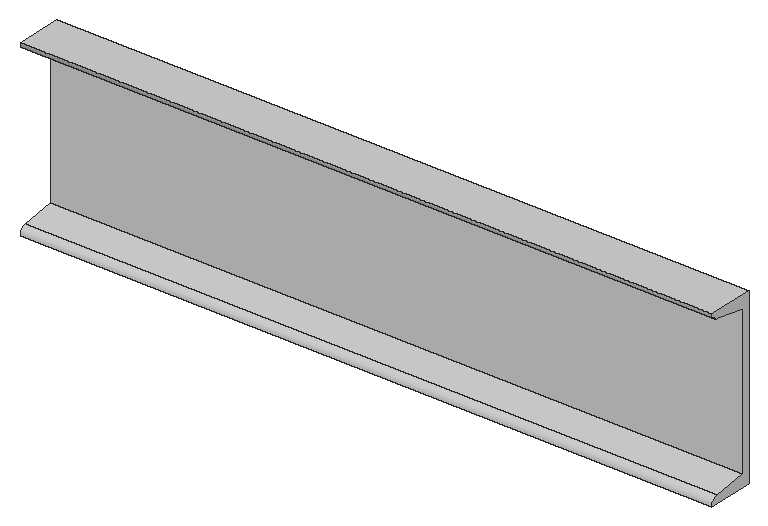
Revit family "9d06805b2897484f96b3201e5ce4722c", category Structural Framing, Revit 2019
Family settings
  Structural Framing Length Roundoff = 0' - 0"
  Section Shape = Not Defined
  Material for Model Behavior = Steel
  Always export as geometry = No
  OmniClass Number = 23.25.30.11.14.14
  OmniClass Title = Beams
  Seek Item ID = C-Channel-0000-USA-ENU
  Always vertical = Yes
  Cut with Voids When Loaded = No
  Symbolic Representation = From Project Settings
  Shared = No
  Show family pre-cut in plan views = Yes
Parameters (values of type "C12X30")
  W = 30
  Structural Material [instance] = Steel ASTM A36
  Assembly Code = "B10"
  Length [instance] = 5' - 0"
  bf = 0' - 3 11/64"
  d = 1' - 0"
  tf = 0' - 0 1/2"
  tw = 0' - 0 131/256"
  x = 0' - 0 173/256"
  A = 8.80 in²
Types (2): name | W | bf | d | tf | tw | x | A
  C12X30 | 30 | 0' - 3 11/64" | 1' - 0" | 0' - 0 1/2" | 0' - 0 131/256" | 0' - 0 173/256" | 8.80 in²
  C15X33.9 | 33.9 | 0' - 3 51/128" | 1' - 3" | 0' - 0 83/128" | 0' - 0 51/128" | 0' - 0 101/128" | 10.00 in²
Reference planes (in)
  plane 1 "Center (Front/Back)": y = 0
  plane 2: z = 0
  plane 3 "Center (Left/Right)": x = 0.1815
  plane 4 "Member Left": x = -23.8185
  plane 5 "Member Right": x = 24.1815
  plane 6 "Center Left/Right": y = 0.67578
  plane 7: y = -2.49609
  plane 8 "Top": z = 6
  plane 9: z = -6
  plane 10 "Left": x = -29.8185
  plane 11 "Right": x = 30.1815
Forms (in)
  Sweep 1, solid, material "Steel ASTM A36" <- "Structural Material", detail levels fine
    path origin (0, 0, 0) x (1, 0, 0) y (0, 1, 0)
      loop
        line (24.1815, 0) -> (-23.8185, 0)
    profile "C-Channel-Profile-Fine : C-Channel-Profile-Fine" origin (0.1815, 0, 0) x (0, -1, 0) y (0, 0, 1)
      loop
        line (-0.67578, -6) -> (2.49609, -6)
        arc (2.49609, -6) -> (2.34965, -5.64645) -> (1.99609, -5.5) r 0.5
        line (1.99609, -5.5) -> (-0.16406, -5.15786) -> (-0.16406, 5.15786) -> (1.99609, 5.5)
        arc (1.99609, 5.5) -> (2.34965, 5.64645) -> (2.49609, 6) r 0.5
        line (2.49609, 6) -> (-0.67578, 6) -> (-0.67578, -6)
  Sweep 2, solid, material "Steel ASTM A36" <- "Structural Material", detail levels medium
    path origin (0, 0, 0) x (1, 0, 0) y (0, 1, 0)
      loop
        line (24.1815, 0) -> (-23.8185, 0)
    profile "C-Channel-Profile-Medium : C-Channel-Profile-Medium" origin (0.1815, 0, 0) x (0, -1, 0) y (0, 0, 1)
      loop
        line (-0.67578, -6) -> (2.49609, -6) -> (2.49609, -5.5) -> (-0.16406, -5.07867) -> (-0.16406, 5.07867) -> (2.49609, 5.5) -> (2.49609, 6) -> (-0.67578, 6) -> (-0.67578, -6)
Lines and regions (in)
  symbolic lines, style "Hidden Faces", detail levels medium+fine
    curve 1: line (-23.8185, 0.1875, 5.5) -> (24.1815, 0.1875, 5.5)
    curve 2: line (-23.8185, 0.1875, -5.5) -> (24.1815, 0.1875, -5.5)
    curve 6: line (-23.8185, 0.16406, 0) -> (24.1815, 0.16406, 0)
  symbolic lines, style "Stick Symbols", detail levels coarse
    curve 3: line (0.1815, 0.67578, -6) -> (0.1815, 0.67578, 6)
    curve 4: line (0.1815, 0.67578, 6) -> (0.1815, -2.49609, 6)
    curve 5: line (0.1815, 0.67578, -6) -> (0.1815, -2.49609, -6)
Dimensions and locks (in)
  "bf": plane 6 "Center Left/Right" to plane 7
  "d": plane 9 to plane 8 "Top"
  "x": plane 6 "Center Left/Right" to plane 1 "Center (Front/Back)"
  equal spacing: plane 9, plane 2, plane 8 "Top"
  "Length": plane 10 "Left" to plane 11 "Right"
  "tw": plane 6 "Center Left/Right" to curve 6
  "tf": plane 8 "Top" to curve 1
  "tf": curve 2 to plane 9
  aligned and locked: Sweep 1 sketch curve to plane 1 "Center (Front/Back)"
  aligned and locked: Sweep 2 sketch curve to plane 1 "Center (Front/Back)"
  aligned and locked: curve 4 to Sweep 2
  aligned and locked: Sweep 2 to curve 5
  aligned and locked: Sweep 2 to curve 4
  aligned and locked: curve 5 to Sweep 2
  aligned and locked: plane 4 "Member Left" to Sweep 1 sketch curve
  aligned and locked: plane 5 "Member Right" to Sweep 1 sketch curve
  aligned and locked: plane 4 "Member Left" to Sweep 2 sketch curve
  aligned and locked: plane 5 "Member Right" to Sweep 2 sketch curve
  aligned and locked: plane 4 "Member Left" to curve 6
  aligned and locked: plane 5 "Member Right" to curve 6
  aligned and locked: plane 4 "Member Left" to curve 1
  aligned and locked: plane 4 "Member Left" to curve 2
  aligned and locked: plane 5 "Member Right" to curve 1
  aligned and locked: plane 5 "Member Right" to curve 2
Automatic sketch dimensions
  curve 3 to plane 6 "Center Left/Right" = 0' - 0"
